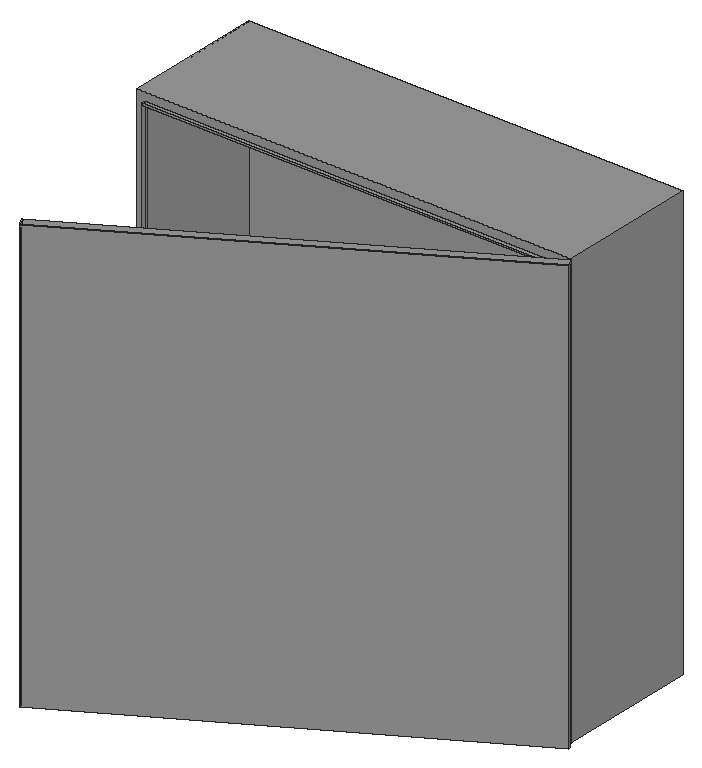
Revit family "Hager-Univers-IP55-D275-H800-Cl.I-Steel_encl-NoHosted-AT-de", category Equipement électrique, Revit 2020
Family settings
  Configuration du panneau = Deux colonnes, circuits au sein
  Cote de connecteur circulaire = Utiliser le diamètre
  Type d'élément = Tableau de raccordement
  Basée sur le plan de construction = Oui
  Toujours verticalement = Oui
  Couper avec des vides une fois chargée = Non
  Partagée = Non
  Point de calcul de pièce = Non
Parameters (values of type "Aufputz IP55 B800 H800 T275  - FR53E")
  Width Control [instance] = if([EF000008 - Breite] > Min Width, [EF000008 - Breite], Min Width)  # 800 mm
  Commentaires du type = [HG000003 - Bereich]  # "Univers"
  Thickness Door [instance] = if([EF009171 - Materialstärke Tür/Deckel] > 3 mm, 3 mm, [EF009171 - Materialstärke Tür/Deckel])  # 1.5 mm
  Seal Frame Offset [instance] = 17 mm  # constant formula
  Plinth Visibility [instance] = [HG000027 - Sockelhöhe] > 0 mm  # no
  Min Width [instance] = 100 mm  # constant formula
  Min Depth [instance] = (2 * [EF009170 - Materialstärke Gehäuse]) + 1 mm  # 4 mm
  Min Height [instance] = 100 mm  # constant formula
  Internal Frame Depth [instance] = (Door System Depth * 0.5)  # 9 mm
  Panel Name [instance] = ""  # (empty or 0)
  Model = ""
  HG000027 - Sockelhöhe = 0 mm
  HG000026 - Stehend auf dem Boden = no
  HG000024 - Höhe des unteren Teils = 600 mm
  HG000023 - Gehäuse mit doppeltem Querschnitt = no
  HG000016 - 3D-Türsichtbarkeit [instance] = yes
  HG000015 - Sichtbarkeit der Türöffnung [instance] = no
  HG000014 - Tür rechts [instance] = yes
  HG000013 - Tür links [instance] = not([HG000014 - Tür rechts])  # no
  HG000012 - Türschwenkwinkel [instance] = 30.00°
  HG000010 - Asymmetrische Türen = no
  HG000009 - Doppelflügeligen Tür = no
  HG000006 - Unterputz = no
  HG000004 - Herstellerreferenz = "FR53E"
  HG000003 - Bereich = "Univers"
  HG000002 - Mit tür = yes
  Frame Offset Bottom [instance] = 10 mm  # constant formula
  Frame Offset [instance] = 15 mm  # constant formula
  EF015940 - Deckel mit Überdruckentlastung = no
  EF011959 - Schutzart (NEMA) = ""
  EF009554 - Anzahl der Öffnungen für Flanschplatten = 6
  EF009212 - Ausführung Deckel = "EV000116 - geschlossen"
  EF009171 - Materialstärke Tür/Deckel = 1.5 mm
  EF009170 - Materialstärke Gehäuse = 1.5 mm
  EF008873 - Nennstrom (In) = 800 A
  EF007800 - Geeignet für Blitzschutz = no
  EF006306 - Mit Schloss = no
  EF006244 - Transparenter Deckel/Tür = no
  EF005474 - Schutzart (IP) = "EV006420 - IP55"
  EF004464 - Art der Tür = "EV002646 - Einzel"
  EF004427 - Anzahl der Module = 180
  EF004293 - Schlagfestigkeit = "EV008784 - IK10"
  EF003532 - Geeignet für Außengebrauch = no
  EF002950 - Breite in Teilungseinheiten = 24
  EF001613 - Funktionserhalt = "EV000494 - ohne"
  EF001596 - Werkstoff des Gehäuses = "EV000179 - Stahl"
  EF001131 - Innentiefe = 275 mm
  EF001088 - Anbaumöglichkeit = yes
  EF000437 - Anzahl der Leitungseinführungen = 6
  EF000339 - Art der Abdeckung = "EV004216 - Tür"
  EF000266 - Anzahl der Reihen = 5
  EF000218 - Einbautiefe = 0 mm
  EF000118 - Mit Montageplatte = no
  EF000116 - RAL-Nummer = "7035"
  EF000049 - Tiefe = 275 mm
  EF000040 - Höhe = 800 mm
  EF000008 - Breite = 800 mm
  EF000007 - Farbe = "EV000270 - grau"
  EF000003 - Montageart = "EV000384 - Aufputz"
  Door System Leaf Tolerance [instance] = 1.5 mm  # constant formula
  Door System Depth [instance] = 18 mm  # constant formula
  Door Height [instance] = Height Control - [HG000027 - Sockelhöhe]  # 800 mm
  Description = ""
  Default Elevation = 1219.2 mm
  Connector Offset [instance] = Height Control / 2  # 400 mm
  Fabricant = "Hager"  # constant formula
  Height Control [instance] = if([EF000040 - Höhe] > Min Height, [EF000040 - Höhe], Min Height)  # 800 mm
  Depth Control [instance] = if([EF000049 - Tiefe] > Min Depth, [EF000049 - Tiefe], Min Depth)  # 275 mm
  Bottom Top Plate Trim [instance] = 1.5 mm  # constant formula
  Plinth height Ctrl [instance] = if([HG000027 - Sockelhöhe] > 0 mm, [HG000027 - Sockelhöhe], 12 mm)  # 12 mm
Types (5, lengths in mm): name | Width Control | HG000010 - Asymmetrische Türen | HG000009 - Doppelflügeligen Tür | HG000004 - Herstellerreferenz | EF009554 - Anzahl der Öffnungen für Flanschplatten | EF004464 - Art der Tür | EF004427 - Anzahl der Module | EF000437 - Anzahl der Leitungseinführungen | EF000008 - Breite
  Aufputz IP55 B1050 H800 T275  - FR54E | 1050 | no | yes | "FR54E" | 8 | "EV003602 - Doppel" | 240 | 8 | 1050
  Aufputz IP55 B1300 H800 T275  - FR55E | 1300 | yes | yes | "FR55E" | 10 | "EV003602 - Doppel" | 300 | 10 | 1300
  Aufputz IP55 B300 H800 T275  - FR51E | 300 | no | no | "FR51E" | 2 | "EV002646 - Einzel" | 60 | 2 | 300
  Aufputz IP55 B550 H800 T275  - FR52E | 550 | no | no | "FR52E" | 4 | "EV002646 - Einzel" | 120 | 4 | 550
  Aufputz IP55 B800 H800 T275  - FR53E | 800 | no | no | "FR53E" | 6 | "EV002646 - Einzel" | 180 | 6 | 800
Reference planes
  plane 1 "Center (Front/Back)": y = 0
  plane 2: z = 0
  plane 3 "Center (Left/Right)": x = 0
  plane 4: y = 0
  plane 5: y = 0
  plane 6: z = 0
  plane 7: x = -400
  plane 8: x = 400
  plane 9: x = 398.5
  plane 10: x = -398.5
  plane 11: z = 0
  plane 12: z = 1.5
  plane 13: y = -275
  plane 14: y = -1.5
  plane 15: x = 0
  plane 16: y = -257
  plane 17: y = -273.5
  plane 18: y = -255.5
  plane 19: x = -383.5
  plane 20: x = 383.5
  plane 21: z = 11.5
  plane 22: x = -383
  plane 23: x = 383
  plane 24: z = 0
  plane 25: z = 800
  plane 26: z = 800
  plane 27: z = 783.5
  plane 28: z = 798.5
Forms (mm)
  Extrusion 1, solid, material "Hager_Steel_RAL7035_Light_Grey", detail levels medium+fine
    sketch origin (-208.679, -4572, 0) x (-1, 0, 0) y (0, -1, 0)
      loop
        line (191.321, -4315) -> (-608.679, -4315) -> (-608.679, -4572) -> (191.321, -4572) -> (191.321, -4315)
    from 0 to 800
  Extrusion 2, void
    sketch origin (-350.771, -275, 1219.2) x (1, 0, 0) y (0, 0, 1)
      loop
        line (-47.729, -420.7) -> (-47.729, -1217.7) -> (749.271, -1217.7) -> (749.271, -420.7) -> (-47.729, -420.7)
    from -19.5 to -273.5
  Extrusion 3, void
    sketch origin (-290.084, -257, 1219.2) x (1, 0, 0) y (0, 0, 1)
      loop
        line (-93.416, -1207.7) -> (673.584, -1207.7) -> (673.584, -435.7) -> (-93.416, -435.7) -> (-93.416, -1207.7)
    from 0 to -1.5
  Extrusion 4, solid, material "Hager_Steel_RAL7035_Light_Grey", visible <- "Plinth Visibility", detail levels medium+fine
    sketch origin (0, 0, 0) x (1, 0, 0) y (0, 1, 0)
      loop
        line (-400, 0) -> (-400, -257) -> (400, -257) -> (400, 0) -> (-400, 0)
    from 0 to 12 <- "Plinth height Ctrl"
  Extrusion 5, solid, material "Hager_Steel_RAL7035_Light_Grey", detail levels coarse
    sketch origin (0, 0, 0) x (1, 0, 0) y (0, 1, 0)
      loop
        line (-400, 0) -> (-400, -275) -> (400, -275) -> (400, 0) -> (-400, 0)
    from 0 to 800 <- "Height Control"
  Sweep 6, void
    path in 3D
      loop
        line (-400, -257, 12) -> (400, -257, 12) -> (400, 0, 12) -> (-400, 0, 12) -> (-400, -257, 12)
    profile origin (-400, -128.5, 12) x (1, 0, 0) y (0, 0, 1)
      loop
        line (0, 0) -> (0, -1.5) -> (1.5, -1.5)
        arc (1.5, -1.5) -> (1.061, -0.439) -> (0, 0) r 1.5
  Extrusion 7, solid, material "Hager_Steel_RAL7035_Light_Grey", detail levels fine
    sketch origin (-400, -257, 0) x (1, 0, 0) y (0, 0, 1)
      loop
        line (16.5, 11.5) -> (783.5, 11.5) -> (783.5, 783.5) -> (16.5, 783.5) -> (16.5, 11.5)
      loop
        line (15, 10) -> (785, 10) -> (785, 785) -> (15, 785) -> (15, 10)
    from 0 to 9 <- "Internal Frame Depth"
Cuts and joins
  Extrusion 2, Extrusion 3 cuts Extrusion 1
  Sweep 6 cuts Extrusion 4
Lines and regions (mm)
  Masking region 1
    outline origin (0, 0, 0) x (1, 0, 0) y (0, 1, 0)
      loop
        line (-400, 0) -> (-400, -275) -> (400, -275) -> (400, 0) -> (-400, 0)
  Masking region 2, detail levels coarse
    outline origin (-290.084, -257, 1219.2) x (-1, 0, 0) y (0, 0, 1)
      loop
        line (-690.084, -1219.2) -> (109.916, -1219.2) -> (109.916, -419.2) -> (-690.084, -419.2) -> (-690.084, -1219.2)
  Masking region 3, detail levels coarse
    outline origin (0, 0, 0) x (0, 1, 0) y (0, 0, 1)
      loop
        line (0, 0) -> (0, 800) -> (-275, 800) -> (-275, 0) -> (0, 0)
  Masking region 4, visible <- "Plinth Visibility", detail levels medium+fine
    outline origin (0, 0, 0) x (0, 1, 0) y (0, 0, 1)
      loop
        line (-1.5, 12) -> (-255.5, 12)
        arc (-255.5, 12) -> (-255.939, 10.939) -> (-257, 10.5) r 1.5
        line (-257, 10.5) -> (-257, 0) -> (0, 0) -> (0, 10.5)
        arc (0, 10.5) -> (-1.061, 10.939) -> (-1.5, 12) r 1.5
  Masking region 5, detail levels medium+fine
    outline origin (0, 0, 594.038) x (0, 1, 0) y (0, 0, 1)
      loop
        line (0, -594.038) -> (0, 205.962) -> (-257, 205.962) -> (-257, -594.038) -> (0, -594.038)
  Masking region 6, detail levels medium+fine
    outline origin (-359.7, -257, 1211.883) x (-1, 0, 0) y (0, 0, 1)
      loop
        line (-759.7, -1211.883) -> (40.3, -1211.883) -> (40.3, -411.883) -> (-759.7, -411.883) -> (-759.7, -1211.883)
  Masking region 7, visible <- "Plinth Visibility", detail levels medium+fine
    outline origin (-320.334, -257, 1041.368) x (-1, 0, 0) y (0, 0, 1)
      loop
        line (-720.334, -1041.368) -> (79.666, -1041.368) -> (79.666, -1030.868)
        arc (79.666, -1030.868) -> (78.606, -1030.429) -> (78.166, -1029.368) r 1.5
        line (78.166, -1029.368) -> (-718.834, -1029.368)
        arc (-718.834, -1029.368) -> (-719.273, -1030.429) -> (-720.334, -1030.868) r 1.5
        line (-720.334, -1030.868) -> (-720.334, -1041.368)
  sketch lines
    curve 1: line (-400, 0, 12) -> (-400, -257, 12)
    curve 2: line (-400, -257, 12) -> (400, -257, 12)
    curve 3: line (400, 0, 12) -> (-400, 0, 12)
    curve 4: line (400, -257, 12) -> (400, 0, 12)
Dimensions and locks
  locked: plane 1 "Center (Front/Back)" to plane 5
  "EF009170 - Materialstärke Gehäuse": plane 7 to plane 10
  "EF009170 - Materialstärke Gehäuse": plane 8 to plane 9
  equal spacing: plane 7, plane 3 "Center (Left/Right)", plane 8
  "Width Control": plane 7 to plane 8
  "Depth Control": plane 4 to plane 13
  "EF009170 - Materialstärke Gehäuse": plane 4 to plane 14
  "Height Control": plane 25 to level
  "HG000027 - Sockelhöhe": plane 11 to level
  "EF009170 - Materialstärke Gehäuse": plane 12 to plane 11
  "EF009170 - Materialstärke Gehäuse": plane 17 to plane 13
  "EF009170 - Materialstärke Gehäuse": plane 18 to plane 16
  "Frame Offset Bottom": plane 21 to plane 12
  "Frame Offset": plane 10 to plane 19
  "Frame Offset": plane 9 to plane 20
  "Door System Depth": plane 16 to plane 13
  "Seal Frame Offset": plane 7 to plane 22
  "Seal Frame Offset": plane 8 to plane 23
  "EF009170 - Materialstärke Gehäuse": plane 26 to plane 28
  "Frame Offset": plane 28 to plane 27
  "Connector Offset": plane 2 to connector elem
  "Bottom Top Plate Trim": profile plane to Sweep 6 sketch curve
  "Bottom Top Plate Trim": Sweep 6 sketch curve to Sweep 6 sketch curve
  "Plinth height Ctrl": Masking region 4 sketch curve to level
  "Plinth height Ctrl": Masking region 7 sketch curve to level
  "Thickness Door": Extrusion 7 sketch curve to Extrusion 7 sketch curve  (x4)
  "Bottom Top Plate Trim": radius of Sweep 6 sketch curve
  "Bottom Top Plate Trim": radius of Masking region 4 sketch curve  (x2)
  "Bottom Top Plate Trim": radius of Masking region 7 sketch curve  (x2)
  aligned and locked: Extrusion 2 sketch curve to plane 12
  aligned and locked: Extrusion 2 sketch curve to plane 9
  aligned and locked: Extrusion 2 sketch curve to plane 10
  aligned and locked: Extrusion 2 to plane 14
  aligned and locked: Extrusion 1 sketch curve to plane 4
  aligned and locked: plane 8 to Extrusion 1 sketch curve
  aligned and locked: plane 7 to Extrusion 1 sketch curve
  aligned and locked: Extrusion 2 to plane 18
  aligned and locked: Extrusion 3 sketch curve to plane 19
  aligned and locked: plane 20 to Extrusion 3 sketch curve
  aligned and locked: Extrusion 3 to Extrusion 2
  aligned and locked: Extrusion 3 sketch curve to plane 21
  aligned and locked: plane 3 "Center (Left/Right)" to nested 1
  aligned and locked: Extrusion 1 sketch curve to plane 16
  aligned and locked: Extrusion 4 sketch curve to cut or joined group of Extrusion 1, Extrusion 2, Extrusion 3
  aligned and locked: Masking region 1 sketch curve to plane 7
  aligned and locked: Masking region 1 sketch curve to plane 5
  aligned and locked: Masking region 1 sketch curve to plane 8
  aligned and locked: Masking region 2 sketch curve to level
  aligned and locked: level to Masking region 3 sketch curve
  aligned and locked: plane 1 "Center (Front/Back)" to Masking region 3 sketch curve
  aligned and locked: plane 13 to Masking region 3 sketch curve
  aligned and locked: plane 5 to Masking region 4 sketch curve
  aligned and locked: Masking region 2 sketch curve to plane 8
  aligned and locked: Masking region 2 sketch curve to plane 7
  aligned and locked: plane 7 to nested 2
  aligned and locked: nested 2 to plane 5
  aligned and locked: plane 5 to Masking region 5 sketch curve
  aligned and locked: plane 26 to Masking region 5 sketch curve
  aligned and locked: Extrusion 5 sketch curve to plane 8
  aligned and locked: Extrusion 5 sketch curve to plane 7
  aligned and locked: Extrusion 5 sketch curve to plane 5
  aligned and locked: Extrusion 3 sketch curve to plane 27
  aligned and locked: Extrusion 2 sketch curve to plane 28
  aligned and locked: Masking region 2 to plane 25
  aligned and locked: Extrusion 4 to plane 16
  aligned and locked: profile plane to Sweep 6 sketch curve
  aligned and locked: Masking region 5 sketch curve to plane 24
  aligned and locked: level to Masking region 4 sketch curve
  aligned and locked: Masking region 1 to plane 13
  aligned and locked: nested 1 to plane 16
  aligned and locked: Masking region 3 to plane 25
  aligned and locked: plane 16 to Masking region 4 sketch curve
  aligned and locked: Masking region 5 sketch curve to plane 16
  aligned and locked: plane 24 to plane 11
  aligned and locked: plane 26 to plane 25
  aligned and locked: plane 26 to cut or joined group of Extrusion 1, Extrusion 2, Extrusion 3
  aligned and locked: nested 1 to plane 24
  aligned and locked: Extrusion 1 to Extrusion 3
  aligned and locked: Masking region 6 sketch curve to plane 8
  aligned and locked: Masking region 6 sketch curve to plane 24
  aligned and locked: Masking region 6 sketch curve to plane 7
  aligned and locked: Masking region 6 sketch curve to plane 26
  aligned and locked: Masking region 7 sketch curve to plane 7
  aligned and locked: level to Masking region 7 sketch curve
  aligned and locked: Masking region 7 sketch curve to plane 8
  aligned and locked: Extrusion 7 sketch curve to cut or joined group of Extrusion 1, Extrusion 2, Extrusion 3  (x4)
Automatic sketch dimensions
  plane 19 to Extrusion 3 sketch curve = 0 mm
  Extrusion 3 sketch curve to plane 20 = 0 mm
  Extrusion 3 sketch curve to plane 21 = 0 mm
  Extrusion 4 sketch curve to plane 7 = 0 mm
  Extrusion 4 sketch curve to plane 8 = 0 mm
  Extrusion 4 sketch curve to plane 16 = 0 mm
  Masking region 1 sketch curve to plane 13 = 0 mm
  Masking region 2 sketch curve to plane 25 = 0 mm
  Masking region 3 sketch curve to plane 25 = 0 mm
  Extrusion 5 sketch curve to plane 13 = 0 mm
  profile plane to Sweep 6 sketch curve = 0 mm
Nested families
  nested 1: "EC000058_Univers_Door" at (0, -257, 0), Double <- "HG000009 - Doppelflügeligen Tür", Transparent <- "EF006244 - Transparenter Deckel/Tür", Angle <- "HG000012 - Türschwenkwinkel", Door_Right <- "HG000014 - Tür rechts", Assymetrical <- "HG000010 - Asymmetrische Türen", Door <- "HG000002 - Mit tür", Width_Ctrl <- "Width Control", 3d_Door <- "HG000016 - 3D-Türsichtbarkeit", Clearance <- "HG000015 - Sichtbarkeit der Türöffnung", Door_Left <- "HG000013 - Tür links", Width <- "Width Control", Door_Depth <- "Door System Depth", Leaf_Tolerance <- "Door System Leaf Tolerance", Height <- "Door Height", Lock_Visibility <- "EF006306 - Mit Schloss", Thickness <- "Thickness Door", type "EC000058_Univers_Door", detail levels medium+fine
    with min_wh 4 mm, Width_Ctrl 800 mm, Width 800 mm, Transparent no, Thickness 1.5 mm, Seal_Material Hager_Rubber, Lock_Visibility no, Lock_Material Hager_Plastic_RAL9005_Jet_Black, Leaf_Width 800 mm, Leaf_Tolerance_External_Sides 0 mm, Leaf_Tolerance 1.5 mm, Leaf_Offset 0 mm, Leaf_Height 797 mm, Leaf_2_Width 800 mm, Leaf_2_Offset 400 mm, Leaf_1_Width 800 mm, Leaf_1_Offset 400 mm, Height_Ctrl 800 mm, Height 800 mm, Glass_Material Hager_Glass, Double_Clearance_Ctrl no, Double no, Door_Right_Ctrl yes, Door_Right yes, Door_Material Hager_Steel_RAL7035_Light_Grey, Door_Left_Ctrl no, Door_Left no, Door_Depth 18 mm, Door yes, Clearance_Material Hager_Clearance, Clearance_Depth 800 mm, Clearance_Ctrl no, Clearance no, Assymetrical no, Angle 30.00°, 3d_Door yes
  nested 2: "Hager_Enclosure_Symbol" at (-400, 0, 0), Height <- "Depth Control", Width <- "Width Control", type "Hager_Enclosure_Symbol"
    with Width_Ctrl 800 mm, Width 800 mm, Height_Ctrl 275 mm, Height 275 mm, A_Width_Int 18.047 mm, A_Width 216.562 mm, A_Height_Ctrl 240.625 mm, A_Height 240.625 mm
Connectors
  electrical at (0, 0, 400)
    settings: on plane 1 "Center (Front/Back)", index 1, voltage 0 V, apparent load 0 VA, apparent load phase1 0 VA, apparent load phase2 0 VA, apparent load phase3 0 VA, power factor 1, load classification "Other", number of poles 1, system type 30, power factor state 1, is connector primary yes, connector utility no, sub classification motor no, connector description ""
Definition of nested family "EC000058_Univers_Door"
  Parameters (values of type "EC000058_Univers_Door")
    min_wh [instance] = (2 * Thickness) + 1 mm  # 11 mm
    Width_Ctrl [instance] = 400 mm
    Width [instance] = 500 mm
    Transparent [instance] = yes
    Thickness [instance] = 5 mm
    Seal_Material [instance] = none
    Lock_Visibility [instance] = yes
    Lock_Material [instance] = none
    Leaf_Width [instance] = if((Width_Ctrl - 2 * Leaf_Tolerance_External_Sides) > 0 mm, (Width_Ctrl - 2 * Leaf_Tolerance_External_Sides), min_wh)  # 400 mm
    Leaf_Tolerance_External_Sides [instance] = 0 mm  # constant formula
    Leaf_Tolerance [instance] = 1.5 mm
    Leaf_Offset [instance] = 0 mm  # constant formula
    Leaf_Height [instance] = if((Height_Ctrl - 2 * Leaf_Tolerance) > 0 mm, (Height_Ctrl - 2 * Leaf_Tolerance), min_wh)  # 497 mm
    Leaf_2_Width [instance] = if(and(and(Double, Assymetrical), Door_Left), (Leaf_Width / 3) - (Leaf_Tolerance / 2), if(and(and(Double, Assymetrical), Door_Right), (Leaf_Width / 3) * 2 - (Leaf_Tolerance / 2), if(and(Double, not(Assymetrical)), (Leaf_Width / 2) - Leaf_Tolerance, Leaf_Width)))  # 400 mm
    Leaf_2_Offset [instance] = if(and(Double, Assymetrical), Leaf_2_Width / 2, if(and(Double, not(Assymetrical)), Leaf_Width / 4, Leaf_Width / 2))  # 200 mm
    Leaf_1_Width [instance] = if(and(and(Double, Assymetrical), Door_Right), (Leaf_Width / 3) - (Leaf_Tolerance / 2), if(and(and(Double, Assymetrical), Door_Left), (Width / 3) * 2 - (Leaf_Tolerance / 2), if(and(Double, not(Assymetrical)), (Leaf_Width / 2) - Leaf_Tolerance, Leaf_Width)))  # 400 mm
    Leaf_1_Offset [instance] = if(and(Double, Assymetrical), Leaf_1_Width / 2, if(and(Double, not(Assymetrical)), Leaf_Width / 4, Leaf_Width / 2))  # 200 mm
    Height_Ctrl [instance] = if(Height > min_wh, Height, min_wh)  # 500 mm
    Height [instance] = 500 mm
    Glass_Material [instance] = none
    Double_Clearance_Ctrl [instance] = and(Double, Clearance)  # no
    Double [instance] = no
    Door_Right_Ctrl [instance] = and(or(Door_Right, Double), Door)  # yes
    Door_Right [instance] = yes
    Door_Material [instance] = none
    Door_Left_Ctrl [instance] = and(or(Door_Left, Double), Door)  # no
    Door_Left [instance] = no
    Door_Depth [instance] = 30 mm
    Door [instance] = yes
    Default Elevation = 1219.2 mm
    Clearance_Material [instance] = none
    Clearance_Depth [instance] = if(Leaf_1_Width > Leaf_2_Width, Leaf_1_Width, Leaf_2_Width)  # 400 mm
    Clearance_Ctrl [instance] = and(not(Double), Clearance)  # yes
    Clearance [instance] = yes
    Assymetrical [instance] = yes
    Angle [instance] = 30.00°
    3d_Door [instance] = yes
  Reference planes
    plane 1 "Center (Front/Back)": y = 0
    plane 2 "Bottom": z = 0
    plane 3 "Center (Left/Right)": x = 0
    plane 4: z = 500
    plane 5: x = -200
    plane 6: x = 200
    plane 7: z = 500
    plane 8: x = -200
    plane 9: z = 0
    plane 10: x = 200
    plane 11: y = 0
    plane 12: z = 1.5
    plane 13: x = -600
    plane 14: y = -400
    plane 15: x = 600
    plane 16: x = 0
    plane 17: x = 0
    plane 18: x = -200
    plane 19: x = 200
    plane 20: z = 498.5
  Forms (mm)
    Extrusion 1, solid, material <- "Clearance_Material", visible <- "Double_Clearance_Ctrl"
      sketch origin (1200, 0, 0) x (1, 0, 0) y (0, 0, -1)
        loop
          line (-1800, -498.5) -> (-600, -498.5) -> (-600, 0) -> (-1800, 0) -> (-1800, -498.5)
      from 0 to -400
  Dimensions and locks
    equal spacing: plane 5, plane 3 "Center (Left/Right)", plane 6
    "Width_Ctrl": plane 5 to plane 6
    "Leaf_Offset": plane 5 to plane 8
    "Leaf_Offset": plane 6 to plane 10
    "Leaf_Offset": plane 9 to level
    "Leaf_Offset": plane 4 to plane 7
    "Height_Ctrl": plane 4 to level
    "Leaf_Tolerance": plane 12 to plane 9
    locked: plane 11 to plane 1 "Center (Front/Back)"
    "Leaf_1_Offset": plane 18 to plane 16
    "Leaf_2_Offset": plane 17 to plane 19
    "Leaf_1_Width": plane 13 to plane 8
    "Leaf_2_Width": plane 10 to plane 15
    "Clearance_Depth": plane 14 to plane 1 "Center (Front/Back)"
    "Leaf_Tolerance_External_Sides": plane 8 to plane 18
    "Leaf_Tolerance_External_Sides": plane 19 to plane 10
    "Leaf_Tolerance": plane 7 to plane 20
    aligned and locked: level to plane 2 "Bottom"
    aligned and locked: nested 1 to plane 16
    aligned and locked: nested 2 to plane 17
    aligned and locked: Extrusion 1 to plane 13
    aligned and locked: plane 15 to Extrusion 1
    aligned and locked: Extrusion 1 to plane 14
    aligned and locked: plane 12 to nested 1
    aligned and locked: nested 2 to plane 12
    aligned and locked: Extrusion 1 to plane 11
    aligned and locked: plane 20 to Extrusion 1
    aligned and locked: nested 2 to plane 11
    aligned and locked: nested 1 to plane 11
  Automatic sketch dimensions
    Extrusion 1 sketch curve to level = 0 mm
    plane 5 to Extrusion 1 sketch curve = 400 mm
    plane 6 to Extrusion 1 sketch curve = 400 mm
    Extrusion 1 sketch curve to plane 4 = 1.5 mm
  Nested families
    nested 1: "EC000058_Univers_Door_Leaf" at (0, 0, 1.5), Width <- "Leaf_1_Width", visible <- "Door_Left_Ctrl", Leaf_Height <- "Leaf_Height", Angle <- "Angle", 3d_Door <- "3d_Door", Transparent <- "Transparent", Clearance Material <- "Clearance_Material", Clearance <- "Clearance_Ctrl", Door_Material <- "Door_Material", Glass_Material <- "Glass_Material", Door_Depth <- "Door_Depth", Lock_Material <- "Lock_Material", Seal_Material <- "Seal_Material", Lock_Visibility <- "Lock_Visibility", Thickness <- "Thickness", type "EC000058_Univers_Door_Leaf"
      with Width 400 mm, Transparent_Glass_Offset 30 mm, Transparent_Ctrl yes, Transparent yes, Thickness 5 mm, Standard no, Seal_Material none, Seal_D2 8 mm, Seal_D1 1 mm, Offset_Internal_Frame 10 mm, Lock_Width 20 mm, Lock_Visibility_3d yes, Lock_Visibility yes, Lock_Thickness_3 3 mm, Lock_Thickness_2 1 mm, Lock_Thickness_1 3 mm, Lock_Radius_Offset_2 16 mm, Lock_Radius_Offset_1 15 mm, Lock_Radius_2 5 mm, Lock_Radius 6 mm, Lock_Offset 5 mm, Lock_Material none, Lock_Height 80 mm, Lock_Cover_Top_Offset_2d 17 mm, Lock_Cover_Height -65 mm, Leaf_Height 497 mm, Internal_Seal_Thickness 8 mm, Internal_Seal_Depth_2 4.5 mm, Internal_Frame_Depth 25 mm, Glass_Thickness -1 mm, Glass_Offset -2 mm, Glass_Material none, Door_Material none, Door_Depth 30 mm, Clearance Material none, Clearance yes, Angle_Ctrl 30.00°, Angle 30.00°, 3d_Door yes
    nested 2: "EC000058_Univers_Door_Leaf" at (0, 0, 1.5) x (-1, 0, 0) z (0, 0, 1), Width <- "Leaf_2_Width", visible <- "Door_Right_Ctrl", Leaf_Height <- "Leaf_Height", Angle <- "Angle", 3d_Door <- "3d_Door", Transparent <- "Transparent", Clearance Material <- "Clearance_Material", Clearance <- "Clearance_Ctrl", Door_Material <- "Door_Material", Glass_Material <- "Glass_Material", Door_Depth <- "Door_Depth", Lock_Material <- "Lock_Material", Seal_Material <- "Seal_Material", Lock_Visibility <- "Lock_Visibility", Thickness <- "Thickness", type "EC000058_Univers_Door_Leaf"
      with Width 400 mm, Transparent_Glass_Offset 30 mm, Transparent_Ctrl yes, Transparent yes, Thickness 5 mm, Standard no, Seal_Material none, Seal_D2 8 mm, Seal_D1 1 mm, Offset_Internal_Frame 10 mm, Lock_Width 20 mm, Lock_Visibility_3d yes, Lock_Visibility yes, Lock_Thickness_3 3 mm, Lock_Thickness_2 1 mm, Lock_Thickness_1 3 mm, Lock_Radius_Offset_2 16 mm, Lock_Radius_Offset_1 15 mm, Lock_Radius_2 5 mm, Lock_Radius 6 mm, Lock_Offset 5 mm, Lock_Material none, Lock_Height 80 mm, Lock_Cover_Top_Offset_2d 17 mm, Lock_Cover_Height -65 mm, Leaf_Height 497 mm, Internal_Seal_Thickness 8 mm, Internal_Seal_Depth_2 4.5 mm, Internal_Frame_Depth 25 mm, Glass_Thickness -1 mm, Glass_Offset -2 mm, Glass_Material none, Door_Material none, Door_Depth 30 mm, Clearance Material none, Clearance yes, Angle_Ctrl 30.00°, Angle 30.00°, 3d_Door yes
  Definition of nested family "EC000058_Univers_Door_Leaf"
    Parameters (values of type "EC000058_Univers_Door_Leaf")
      Width [instance] = 2000 mm
      Transparent_Glass_Offset [instance] = 30 mm
      Transparent_Ctrl [instance] = and(Transparent, [3d_Door])  # yes
      Transparent [instance] = yes
      Thickness [instance] = 5 mm
      Standard [instance] = and(not(Transparent), [3d_Door])  # no
      Seal_Material [instance] = none
      Seal_D2 [instance] = 8 mm  # constant formula
      Seal_D1 [instance] = 1 mm  # constant formula
      Offset_Internal_Frame [instance] = 10 mm  # constant formula
      Lock_Width [instance] = 20 mm  # constant formula
      Lock_Visibility_3d [instance] = and(Lock_Visibility, [3d_Door])  # yes
      Lock_Visibility [instance] = yes
      Lock_Thickness_3 [instance] = 3 mm  # constant formula
      Lock_Thickness_2 [instance] = 1 mm  # constant formula
      Lock_Thickness_1 [instance] = 3 mm  # constant formula
      Lock_Radius_Offset_2 [instance] = Lock_Radius_Offset_1 + 1 mm  # 16 mm
      Lock_Radius_Offset_1 [instance] = 15 mm  # constant formula
      Lock_Radius_2 [instance] = Lock_Radius - 1 mm  # 5 mm
      Lock_Radius [instance] = 6 mm  # constant formula
      Lock_Offset [instance] = 5 mm  # constant formula
      Lock_Material [instance] = none
      Lock_Height [instance] = 80 mm  # constant formula
      Lock_Cover_Top_Offset_2d [instance] = Lock_Radius_Offset_2 + 1 mm  # 17 mm
      Lock_Cover_Height [instance] = -(Lock_Height - Lock_Radius_Offset_1)  # -65 mm
      Leaf_Height [instance] = 2720.336 mm
      Internal_Seal_Thickness [instance] = 8 mm  # constant formula
      Internal_Seal_Depth_2 [instance] = 4.5 mm  # constant formula
      Internal_Frame_Depth [instance] = if(Door_Depth - Thickness > 5 mm, Door_Depth - Thickness, 5 mm)  # 25 mm
      Glass_Thickness [instance] = if(Thickness > 15 mm, Glass_Offset + 10 mm, -1 mm)  # -1 mm
      Glass_Offset [instance] = if(Thickness > 15 mm, -(Thickness + 10 mm) / 2, -2 mm)  # -2 mm
      Glass_Material [instance] = none
      Door_Material [instance] = none
      Door_Depth [instance] = 30 mm
      Default Elevation = 0 mm
      Clearance Material [instance] = none
      Clearance [instance] = yes
      Angle_Ctrl [instance] = if(Angle > 180.00°, 180.00°, Angle)  # 90.00°
      Angle [instance] = 90.00°
      3d_Door [instance] = yes
    Reference planes
      plane 1 "Center (Front/Back)": y = 0
      plane 2: z = 0
      plane 3 "Center (Left/Right)": x = 0
      plane 4: y = 2000
      plane 5: x = -1000
      plane 6: x = 1000
      plane 7: x = -3000
      plane 8: z = 2720.336
      plane 9: z = 30
      plane 10: z = 2690.336
      plane 11: x = 970
      plane 12: x = -970
      plane 13: y = -3
      plane 14: z = 107.833
      plane 15: y = -5
      plane 16: y = -223.314
      plane 17: x = -1000
      plane 18: z = 1360.168
      plane 19: y = 30
    Forms (mm)
      Extrusion 1, solid, material <- "Clearance Material", visible <- "Clearance"
        sketch origin (0, 0, 0) x (1, 0, 0) y (0, 0, 1)
          loop
            line (-3000, 2720.336) -> (-3000, 0) -> (1000, 0) -> (1000, 2720.336) -> (-3000, 2720.336)
        from 0 to -2000
      Extrusion 2, solid, material <- "Door_Material", visible <- "Standard", detail levels medium+fine
        sketch origin (-1000, 0, 0) x (0, 1, 0) y (-1, 0, 0)
          loop
            line (0, 30) -> (0, 25) -> (2000, 25) -> (2000, 30) -> (0, 30)
        from 0 to 2720.336 <- "Leaf_Height"
      Extrusion 3, solid, material <- "Door_Material", visible <- "Transparent_Ctrl", detail levels medium+fine
        sketch origin (-1000, 0, 0) x (0, 1, 0) y (-1, 0, 0)
          loop
            line (0, 25) -> (2000, 25) -> (2000, 30) -> (0, 30) -> (0, 25)
        from 0 to 2720.336 <- "Leaf_Height"
      Extrusion 4, void
        sketch origin (-1025, 2000, 0) x (0, 1, 0) y (0, 0, -1)
          loop
            line (-30, -2690.336) -> (-30, -30) -> (-1970, -30) -> (-1970, -2690.336) -> (-30, -2690.336)
        from 0 to 5 <- "Thickness"
      Sweep 5, solid, material <- "Seal_Material", visible <- "Transparent_Ctrl", detail levels fine
        path in 3D
          loop
            line (-1025, 30, 30) -> (-1025, 30, 2690.336) -> (-1025, 1970, 2690.336) -> (-1025, 1970, 30) -> (-1025, 30, 30)
        profile origin (-1025, 1000, 30) x (1, 0, 0) y (0, 0, 1)
          loop
            line (0, 0) -> (0, -8) -> (1, -8) -> (1, 0) -> (0, 0)
      Extrusion 6, solid, material <- "Glass_Material", visible <- "Transparent_Ctrl", detail levels medium+fine
        sketch origin (-1030, 0, 0) x (0, 1, 0) y (0, 0, -1)
          loop
            line (1970, -2690.336) -> (1970, -30) -> (30, -30) -> (30, -2690.336) -> (1970, -2690.336)
        from -2 <- "Glass_Offset" to -1 <- "Glass_Thickness"
      Extrusion 7, solid, material <- "Door_Material", visible <- "3d_Door", detail levels medium+fine
        sketch origin (-1025, 2000, 0) x (0, -1, 0) y (0, 0, -1)
          loop
            line (0, -2720.336) -> (2000, -2720.336) -> (2000, 0) -> (0, 0) -> (0, -2720.336)
          loop
            line (1995, -5) -> (5, -5) -> (5, -2715.336) -> (1995, -2715.336) -> (1995, -5)
        from 0 to 25 <- "Internal_Frame_Depth"
      Sweep 8, solid, material <- "Seal_Material", visible <- "Transparent_Ctrl", detail levels fine
        path in 3D
          loop
            line (-1025, 0, 0) -> (-1025, 2000, 0) -> (-1025, 2000, 2720.336) -> (-1025, 0, 2720.336) -> (-1025, 0, 0)
        profile origin (-1025, 0, 1360.168) x (1, 0, 0) y (0, 1, 0)
          loop
            line (0, 10) -> (2.975, 10)
            arc (2.975, 10) -> (4.053, 10.447) -> (4.5, 11.525) r 1.525
            line (4.5, 11.525) -> (4.5, 16.527)
            arc (4.5, 16.527) -> (4.069, 17.569) -> (3.027, 18) r 1.473
            line (3.027, 18) -> (0, 18) -> (0, 10)
      Extrusion 9, solid, material <- "Lock_Material", visible <- "Lock_Visibility_3d", detail levels fine
        sketch origin (-1030, 0, 0) x (0, 1, 0) y (0, 0, -1)
          loop
            arc (1993.5, -1400.168) -> (1994.561, -1399.729) -> (1995, -1398.668) r 1.5
            line (1995, -1398.668) -> (1995, -1320.168) -> (1975, -1320.168) -> (1975, -1398.668)
            arc (1975, -1398.668) -> (1975.439, -1399.729) -> (1976.5, -1400.168) r 1.5
            line (1976.5, -1400.168) -> (1993.5, -1400.168)
        from 3 <- "Lock_Thickness_1" to 0
      Blend 10, solid, material <- "Lock_Material", visible <- "Lock_Visibility_3d", detail levels fine
        base sketch origin (-1033, 0, 0) x (0, 1, 0) y (0, 0, -1)
          loop
            line (1975, -1320.168) -> (1975, -1398.668)
            arc (1975, -1398.668) -> (1975.439, -1399.729) -> (1976.5, -1400.168) r 1.5
            line (1976.5, -1400.168) -> (1993.5, -1400.168)
            arc (1993.5, -1400.168) -> (1994.561, -1399.729) -> (1995, -1398.668) r 1.5
            line (1995, -1398.668) -> (1995, -1320.168) -> (1975, -1320.168)
        top sketch origin (-1033, 0, 0) x (0, 1, 0) y (0, 0, -1)
          loop
            line (1976, -1320.168) -> (1976, -1398.668)
            arc (1976, -1398.668) -> (1976.146, -1399.022) -> (1976.5, -1399.168) r 0.5
            line (1976.5, -1399.168) -> (1993.5, -1399.168)
            arc (1993.5, -1399.168) -> (1993.854, -1399.022) -> (1994, -1398.668) r 0.5
            line (1994, -1398.668) -> (1994, -1320.168) -> (1976, -1320.168)
        from 0 to 1 <- "Lock_Thickness_2"
      Blend 11, solid, material <- "Lock_Material", visible <- "Lock_Visibility_3d", detail levels fine
        base sketch origin (-1034, 0, 0) x (0, 1, 0) y (0, 0, -1)
          loop
            line (1978, -1320.168) -> (1978, -1384.168)
            arc (1978, -1384.168) -> (1985, -1391.168) -> (1992, -1384.168) r 7
            line (1992, -1384.168) -> (1992, -1320.168) -> (1978, -1320.168)
        top sketch origin (-1034, 0, 0) x (0, 1, 0) y (0, 0, -1)
          loop
            line (1991, -1320.168) -> (1979, -1320.168) -> (1979, -1383.168)
            arc (1979, -1383.168) -> (1985, -1389.168) -> (1991, -1383.168) r 6
            line (1991, -1383.168) -> (1991, -1320.168)
        from 0 to 3 <- "Lock_Thickness_3"
      Extrusion 12, solid, material <- "Lock_Material", visible <- "Lock_Visibility_3d", detail levels fine
        sketch origin (-1030, 1975, 1320.168) x (1, 0, 0) y (0, -1, 0)
          loop
            line (-7, -19) -> (-7, -1) -> (0, -1) -> (0, 0) -> (-8, 0) -> (-8, -20) -> (0, -20) -> (0, -19) -> (-7, -19)
        from 0 to -65 <- "Lock_Cover_Height"
      Extrusion 13, void
        sketch origin (-1038, 1995, 1320.168) x (-1, 0, 0) y (0, 0, -1)
          loop
            line (-5, -65) -> (0, -65) -> (-5, -60) -> (-5, -65)
        from 0 to 20 <- "Lock_Width"
      Extrusion 14, void
        sketch origin (-1038, 1975, 1320.168) x (0, -1, 0) y (0, 0, -1)
          loop
            circle (-10, -15.995) r 6
          loop
            circle (-10, -15.995) r 5
        from 0 to 2
      Extrusion 15, solid, material <- "Lock_Material", visible <- "Lock_Visibility_3d", detail levels medium
        sketch origin (-1030, 0, 0) x (0, 1, 0) y (0, 0, -1)
          loop
            arc (1993.5, -1400.168) -> (1994.561, -1399.729) -> (1995, -1398.668) r 1.5
            line (1995, -1398.668) -> (1995, -1320.168) -> (1975, -1320.168) -> (1975, -1398.668)
            arc (1975, -1398.668) -> (1975.439, -1399.729) -> (1976.5, -1400.168) r 1.5
            line (1976.5, -1400.168) -> (1993.5, -1400.168)
        from 8 to 0
    Cuts and joins
      Extrusion 4 cuts Extrusion 3
      Extrusion 13, Extrusion 14 cuts Extrusion 9
      Extrusion 14 cuts Blend 11
      Extrusion 13, Extrusion 14 cuts Extrusion 12
      joined: Extrusion 9, Blend 10, Blend 11, Extrusion 12
      Extrusion 14 cuts Extrusion 15
    Lines and regions (mm)
      Masking region 1, visible <- "Lock_Visibility", detail levels fine
        outline origin (0, 0, 0) x (0, 1, 0) y (0, 0, 1)
          loop
            line (30, 1320.168) -> (33, 1320.168) -> (33, 1400.168) -> (30, 1400.168) -> (30, 1320.168)
      Masking region 2, visible <- "Lock_Visibility", detail levels fine
        outline origin (0, 3.143, 0) x (0, 1, 0) y (0, 0, 1)
          loop
            line (29.857, 1354.168) -> (30.857, 1354.168) -> (30.857, 1366.168) -> (29.857, 1366.168) -> (29.857, 1354.168)
      Masking region 3, detail levels medium+fine
        outline origin (0, 0, 0) x (0, 1, 0) y (0, 0, 1)
          loop
            line (0, 0) -> (30, 0) -> (30, 2720.336) -> (0, 2720.336) -> (0, 0)
      Masking region 4, detail levels medium+fine
        outline origin (0, 0, 0) x (1, 0, 0) y (0, 0, 1)
          loop
            line (-1000, 2720.336) -> (-1000, 0) -> (1000, 0) -> (1000, 2720.336) -> (-1000, 2720.336)
      Masking region 5, visible <- "Lock_Visibility", detail levels fine
        outline origin (-47.116, 0, 0) x (1, 0, 0) y (0, 0, 1)
          loop
            arc (1024.616, 1399.168) -> (1023.556, 1398.729) -> (1023.116, 1397.668) r 1.5
            line (1023.116, 1397.668) -> (1023.116, 1320.168) -> (1041.116, 1320.168) -> (1041.116, 1397.668)
            arc (1041.116, 1397.668) -> (1040.677, 1398.729) -> (1039.616, 1399.168) r 1.5
            line (1039.616, 1399.168) -> (1024.616, 1399.168)
      Masking region 6, visible <- "Lock_Visibility", detail levels medium+fine
        outline origin (-25, 0, 0) x (1, 0, 0) y (0, 0, 1)
          loop
            arc (1001.5, 1400.168) -> (1000.439, 1399.729) -> (1000, 1398.668) r 1.5
            line (1000, 1398.668) -> (1000, 1320.168) -> (1020, 1320.168) -> (1020, 1398.668)
            arc (1020, 1398.668) -> (1019.561, 1399.729) -> (1018.5, 1400.168) r 1.5
            line (1018.5, 1400.168) -> (1001.5, 1400.168)
      Masking region 7, visible <- "Lock_Visibility", detail levels fine
        outline origin (-73.735, 0, 0) x (1, 0, 0) y (0, 0, 1)
          loop
            line (1051.735, 1382.168) -> (1065.735, 1382.168) -> (1065.735, 1384.168)
            arc (1065.735, 1384.168) -> (1058.735, 1391.168) -> (1051.735, 1384.168) r 7
            line (1051.735, 1384.168) -> (1051.735, 1382.168)
      Masking region 8, visible <- "Lock_Visibility", detail levels fine
        outline origin (-73.735, 0, 0) x (1, 0, 0) y (0, 0, 1)
          loop
            line (1052.735, 1382.168) -> (1064.735, 1382.168) -> (1064.735, 1383.168)
            arc (1064.735, 1383.168) -> (1058.735, 1389.168) -> (1052.735, 1383.168) r 6
            line (1052.735, 1383.168) -> (1052.735, 1382.168)
      Masking region 9, visible <- "Lock_Visibility", detail levels fine
        outline origin (-25, 0, 0) x (1, 0, 0) y (0, 0, 1)
          loop
            line (1020, 1320.168) -> (1020, 1382.168) -> (1000, 1382.168) -> (1000, 1320.168) -> (1020, 1320.168)
      Masking region 10, detail levels medium+fine
        outline origin (0, 0, 0) x (1, 0, 0) y (0, 0, 1)
          loop
            circle (985, 1335.144) r 6
      Masking region 11, detail levels fine
        outline origin (0, 0, 0) x (1, 0, 0) y (0, 0, 1)
          loop
            circle (985, 1335.144) r 5
      Masking region 12, visible <- "Lock_Visibility", detail levels fine
        outline origin (0, 12.767, 0) x (0, 1, 0) y (0, 0, 1)
          loop
            line (20.233, 1320.168) -> (21.233, 1320.168) -> (21.233, 1399.168) -> (20.233, 1400.168) -> (20.233, 1320.168)
      Masking region 13, visible <- "Lock_Visibility", detail levels fine
        outline origin (0, 13.767, -10) x (0, 1, 0) y (0, 0, 1)
          loop
            line (20.233, 1330.168) -> (23.233, 1330.168) -> (23.233, 1399.168) -> (20.233, 1402.168) -> (20.233, 1330.168)
      Masking region 14, visible <- "Lock_Visibility", detail levels fine
        outline origin (0, 12.767, -10) x (0, 1, 0) y (0, 0, 1)
          loop
            line (20.233, 1330.168) -> (25.233, 1330.168) -> (25.233, 1399.305) -> (20.233, 1394.305) -> (20.233, 1330.168)
      Masking region 15, visible <- "Lock_Visibility", detail levels medium
        outline origin (0, 0, 0) x (0, 1, 0) y (0, 0, 1)
          loop
            line (30, 1320.168) -> (38, 1320.168) -> (38, 1400.168) -> (30, 1400.168) -> (30, 1320.168)
      Masking region 16, visible <- "Lock_Visibility", detail levels fine
        outline origin (-1000, 0, 0) x (0, 1, 0) y (-1, 0, 0)
          loop
            line (1975, 30) -> (1995, 30) -> (1995, 38) -> (1975, 38) -> (1975, 30)
          loop
            line (1979, 37) -> (1976, 37) -> (1976, 34) -> (1978, 34) -> (1979, 37)
          loop
            line (1994, 37) -> (1991, 37) -> (1992, 34) -> (1994, 34) -> (1994, 37)
      Masking region 17, visible <- "Lock_Visibility", detail levels medium
        outline origin (-1000, 0, 0) x (0, 1, 0) y (-1, 0, 0)
          loop
            line (1975, 30) -> (1995, 30) -> (1995, 38) -> (1975, 38) -> (1975, 30)
      symbolic lines
        curve 1: line (1000, 0, 0) -> (-3000, 0, 0)
        curve 2: arc (1000, 0, 0) -> (-1000, 2000, 0) -> (-3000, 0, 0) r 2000
        curve 4: line (-1030, 0, 0) -> (-1030, 2000, 0)
      reference lines
        curve 3: line (-1000, 0, 0) -> (-1000, 2000, 0)
      symbolic lines, detail levels medium+fine
        curve 5: line (-1030, 2000, 0) -> (-1025, 2000, 0)
        curve 7: line (-1025, 0, 0) -> (-1030, 0, 0)
        curve 8: line (-1025, 0, 0) -> (-1000, 0, 0)
        curve 9: line (-1000, 0, 0) -> (-1000, 2000, 0)
        curve 10: line (-1000, 2000, 0) -> (-1025, 2000, 0)
      symbolic lines, detail levels fine
        curve 6: line (-1025, 2000, 0) -> (-1025, 0, 0)
      sketch lines
        curve 11: line (-1025, 0, 2720.336) -> (-1025, 0, 0)
        curve 12: line (-1025, 2000, 0) -> (-1025, 0, 0)
        curve 13: line (-1025, 2000, 2720.336) -> (-1025, 2000, 0)
        curve 14: line (-1025, 0, 2720.336) -> (-1025, 2000, 2720.336)
        curve 15: line (-1025, 1970, 30) -> (-1025, 30, 30)
        curve 16: line (-1025, 30, 30) -> (-1025, 30, 2690.336)
        curve 17: line (-1025, 1970, 2690.336) -> (-1025, 1970, 30)
        curve 18: line (-1025, 30, 2690.336) -> (-1025, 1970, 2690.336)
      symbolic lines, visible <- "Transparent", detail levels medium+fine
        curve 19: line (-970, 0, 2690.336) -> (970, 0, 2690.336)
        curve 20: line (-970, 0, 30) -> (-970, 0, 2690.336)
        curve 21: line (970, 0, 30) -> (-970, 0, 30)
        curve 22: line (970, 0, 2690.336) -> (970, 0, 30)
    Dimensions and locks
      "Width": plane 1 "Center (Front/Back)" to plane 4
      equal spacing: plane 5, plane 3 "Center (Left/Right)", plane 6
      "Width": plane 5 to plane 6
      "Width": plane 7 to plane 5
      "Leaf_Height": plane 8 to level
      "Width": curve 5 to curve 3
      "Width": curve 3 to curve 3
      plane 8 to plane 10 = 30 mm
      plane 9 to level = 30 mm
      plane 12 to plane 5 = 30 mm
      plane 6 to plane 11 = 30 mm
      Extrusion 1 to Extrusion 4 sketch curve = 30 mm
      "Transparent_Glass_Offset": curve 3 to Extrusion 4 sketch curve
      "Transparent_Glass_Offset": Extrusion 4 sketch curve to cut or joined group of Extrusion 3, Extrusion 4  (x2)
      cut or joined group of Extrusion 3, Extrusion 4 to Extrusion 6 sketch curve = 30 mm
      "Transparent_Glass_Offset": cut or joined group of Extrusion 3, Extrusion 4 to Extrusion 4 sketch curve
      "Thickness": curve 6 to curve 4
      "Thickness": Extrusion 7 sketch curve to Extrusion 7 sketch curve  (x4)
      "Door_Depth": curve 4 to curve 3
      "Offset_Internal_Frame": profile plane to Sweep 8 sketch curve
      "Internal_Seal_Thickness": Sweep 8 sketch curve to Sweep 8 sketch curve
      "Internal_Seal_Depth_2": profile plane to Sweep 8 sketch curve
      "Seal_D1": profile plane to Sweep 5 sketch curve
      "Seal_D2": profile plane to Sweep 5 sketch curve
      "Thickness": Extrusion 2 sketch curve to Extrusion 2 sketch curve
      equal spacing: Extrusion 9 sketch curve, plane 18, Extrusion 9 sketch curve  (x2)
      equal spacing: Masking region 1 sketch curve, plane 18, Masking region 1 sketch curve
      "Lock_Height": Masking region 1 sketch curve to Masking region 1 sketch curve
      "Lock_Radius": Masking region 2 sketch curve to plane 18 to Masking region 2 sketch curve
      Masking region 2 sketch curve to Masking region 1 = 1 mm
      "Door_Depth": plane 19 to plane 1 "Center (Front/Back)"
      "Lock_Thickness_1": Masking region 1 sketch curve to plane 19
      "Lock_Width": Extrusion 9 sketch curve to Extrusion 9 sketch curve
      "Lock_Height": Extrusion 9 sketch curve to Extrusion 9 sketch curve
      "Lock_Offset": cut or joined group of Extrusion 3, Extrusion 4 to Extrusion 9 sketch curve
      equal spacing: plane 8, plane 18, level
      "Lock_Radius_Offset_1": Blend 11 sketch curve to Blend 10
      locked: Blend 10 to Blend 11 sketch curve at 2  (x2)
      locked: var sketch to Blend 11 sketch curve at 1  (x2)
      "Lock_Radius_Offset_2": Blend 11 sketch curve to Blend 10
      locked: Extrusion 12 sketch curve to Extrusion 12 sketch curve at 1  (x3)
      Masking region 6 sketch curve to Masking region 6 sketch curve = 80 mm
      "Lock_Height": Masking region 6 sketch curve to Masking region 6 sketch curve
      "Lock_Width": Masking region 6 sketch curve to Masking region 6 sketch curve
      locked: Masking region 6 to Masking region 5 sketch curve at 1  (x3)
      locked: Masking region 5 to Masking region 7 sketch curve at 2  (x2)
      "Lock_Radius_Offset_1": Masking region 5 to Masking region 7 sketch curve
      "Lock_Radius_Offset_2": Masking region 5 to Masking region 8 sketch curve
      locked: Masking region 7 to Masking region 8 sketch curve at 1  (x2)
      "Lock_Cover_Top_Offset_2d": Masking region 5 to Masking region 9 sketch curve
      equal spacing: Masking region 9, Masking region 10 sketch curve, Masking region 9
      equal spacing: Masking region 9, Masking region 11 sketch curve, Masking region 9
      Extrusion 15 sketch curve to Extrusion 15 sketch curve = 80 mm
      "Lock_Width": Extrusion 15 sketch curve to Extrusion 15 sketch curve
      "Lock_Height": Extrusion 15 sketch curve to Extrusion 15 sketch curve
      equal spacing: Extrusion 15 sketch curve, plane 18, Extrusion 15 sketch curve
      "Lock_Thickness_3": Masking region 13 sketch curve to Masking region 13 sketch curve
      "Lock_Height": Masking region 12 sketch curve to Masking region 12 sketch curve
      locked: Masking region 13 sketch curve to Masking region 1 at 8
      locked: Masking region 14 sketch curve to Masking region 13 at 1
      locked: Masking region 14 sketch curve to Masking region 1 at 10.863
      "Lock_Height": Masking region 15 sketch curve to Masking region 15 sketch curve
      "Lock_Offset": Extrusion 15 sketch curve to cut or joined group of Extrusion 3, Extrusion 4
      "Lock_Offset": plane 6 to Masking region 6 sketch curve
      radius of Sweep 8 sketch curve = 1.525 mm
      radius of Sweep 8 sketch curve = 1.473 mm
      radius of Extrusion 9 sketch curve = 1.5 mm  (x2)
      "Lock_Radius": radius of Extrusion 14 sketch curve
      "Lock_Radius_2": radius of Extrusion 14 sketch curve
      "Lock_Radius": radius of Masking region 10 sketch curve
      "Lock_Radius_2": radius of Masking region 11 sketch curve
      radius of Extrusion 15 sketch curve = 1.5 mm  (x2)
      "Angle_Ctrl": angle plane 1 "Center (Front/Back)" to curve 3
      locked: Masking region 12 sketch curve to Masking region 12 sketch curve (angle 45.00°)
      locked: Masking region 13 sketch curve to Masking region 13 sketch curve (angle 45.00°)
      locked: Masking region 14 sketch curve to Masking region 14 sketch curve (angle 45.00°)
      aligned and locked: level to plane 2
      aligned and locked: Extrusion 1 to curve 1
      aligned and locked: plane 6 to Extrusion 1
      aligned and locked: Extrusion 1 to plane 1 "Center (Front/Back)"
      aligned and locked: plane 4 to Extrusion 1
      aligned and locked: plane 8 to Extrusion 1
      aligned and locked: curve 7 to Extrusion 2 sketch curve
      aligned and locked: curve 5 to Extrusion 2 sketch curve
      aligned and locked: curve 7 to Extrusion 3 sketch curve
      aligned and locked: Extrusion 3 sketch curve to curve 4
      aligned and locked: Extrusion 3 sketch curve to curve 6
      aligned and locked: Extrusion 3 sketch curve to curve 5
      aligned and locked: curve 9 to curve 3
      aligned and locked: Extrusion 7 sketch curve to cut or joined group of Extrusion 3, Extrusion 4  (x4)
      aligned and locked: plane 17 to curve 3
      aligned and locked: plane 1 "Center (Front/Back)" to curve 3
      aligned and locked: plane 17 to plane 5
      aligned and locked: Sweep 8 sketch curve to profile plane
      aligned and locked: Sweep 5 sketch curve to profile plane  (x2)
      aligned and locked: Masking region 1 to Masking region 2 sketch curve
      aligned and locked: plane 19 to Masking region 1 sketch curve
      aligned and locked: plane 1 "Center (Front/Back)" to Masking region 3 sketch curve
      aligned and locked: plane 19 to Masking region 3 sketch curve
      aligned and locked: level to Masking region 3 sketch curve
      aligned and locked: Masking region 3 sketch curve to plane 8
      aligned and locked: plane 17 to Masking region 4 sketch curve
      aligned and locked: level to Masking region 4 sketch curve
      aligned and locked: Masking region 4 sketch curve to plane 8
      aligned and locked: plane 12 to curve 20
      aligned and locked: plane 10 to curve 19
      aligned and locked: plane 11 to curve 22
      aligned and locked: curve 21 to plane 9
      aligned and locked: Extrusion 2 sketch curve to cut or joined group of Extrusion 3, Extrusion 4
      aligned and locked: Blend 10 sketch curve to Extrusion 9  (x4)
      aligned and locked: Extrusion 9 to Blend 10 sketch curve
      aligned and locked: Blend 10 to Blend 11 sketch curve
      aligned and locked: Extrusion 12 sketch curve to Blend 11
      aligned and locked: Extrusion 12 sketch curve to Extrusion 9  (x4)
      aligned and locked: Masking region 5 sketch curve to Masking region 6
      aligned and locked: Masking region 9 sketch curve to Masking region 6  (x3)
      aligned and locked: Masking region 12 sketch curve to Masking region 1
      aligned and locked: Masking region 13 sketch curve to Masking region 1
      aligned and locked: Masking region 12 to Masking region 14
      aligned and locked: Masking region 14 sketch curve to Masking region 1
      aligned and locked: Masking region 15 sketch curve to Masking region 14
      aligned and locked: Masking region 13 sketch curve to Masking region 12
      aligned and locked: Masking region 16 sketch curve to cut or joined group of Extrusion 14, Extrusion 15  (x4)
      aligned and locked: Masking region 16 sketch curve to cut or joined group of Extrusion 9, Blend 10, Blend 11, Extrusion 12, Extrusion 13, Extrusion 14  (x6)
      aligned and locked: cut or joined group of Extrusion 9, Blend 10, Blend 11, Extrusion 12, Extrusion 13, Extrusion 14 to Masking region 16 sketch curve
      aligned and locked: Masking region 17 sketch curve to cut or joined group of Extrusion 14, Extrusion 15  (x3)
      aligned and locked: Masking region 17 sketch curve to cut or joined group of Extrusion 9, Blend 10, Blend 11, Extrusion 12, Extrusion 13, Extrusion 14
      aligned and locked: Masking region 9 to Masking region 8 sketch curve
      aligned and locked: Masking region 9 to Masking region 7 sketch curve
    Automatic sketch dimensions
      plane 1 "Center (Front/Back)" to curve 2 = 0 mm
      curve 2 to plane 5 = 0 mm
      Extrusion 1 sketch curve to level = 0 mm
      Extrusion 1 sketch curve to plane 7 = 0 mm
      Extrusion 1 sketch curve to plane 6 = 0 mm
      Extrusion 1 sketch curve to plane 8 = 0 mm
      Extrusion 3 to Extrusion 6 sketch curve = 30 mm  (x4)
      Masking region 4 sketch curve to plane 6 = 0 mm
      Blend 10 sketch curve to Extrusion 9 = 1.5 mm
      Blend 10 sketch curve to Extrusion 9 = 1 mm
      Extrusion 13 sketch curve to Extrusion 12 = 0 mm  (x2)
      Extrusion 12 to Extrusion 13 sketch curve = 3 mm
      Extrusion 13 sketch curve to Extrusion 12 = 5 mm
      Extrusion 14 sketch curve to Extrusion 14 sketch curve = 0 mm  (x2)
      Extrusion 14 sketch curve to Extrusion 12 = 10 mm
      Extrusion 14 sketch curve to Extrusion 12 = 15.995 mm
      Masking region 5 sketch curve to Masking region 5 sketch curve = 1.5 mm  (x2)
      Masking region 10 sketch curve to plane 18 = 25.024 mm
      Masking region 11 sketch curve to plane 18 = 25.024 mm
      plane 19 to Masking region 14 sketch curve = 3 mm
      Masking region 16 sketch curve to Masking region 16 sketch curve = 3 mm
      curve 4 to curve 3 = 0 mm
      Blend 10 to Blend 11 sketch curve = 0 mm
      Masking region 6 sketch curve to Masking region 6 sketch curve = 1.5 mm  (x2)
      Masking region 6 sketch curve to plane 18 = 40 mm
      plane 19 to Masking region 12 sketch curve = 3 mm
      Masking region 12 sketch curve to Masking region 12 sketch curve = 1 mm
      Masking region 15 sketch curve to plane 19 = 0 mm
      Masking region 15 sketch curve to plane 18 = 40 mm
      radius of Blend 10 sketch curve to Extrusion 9 = 1 mm
Definition of nested family "Hager_Enclosure_Symbol"
  Parameters (values of type "Hager_Enclosure_Symbol")
    Width_Ctrl [instance] = if(Width > 1 mm, Width, 1 mm)  # 102.27 mm
    Width [instance] = 102.27 mm
    Height_Ctrl [instance] = if(Height > 1 mm, Height, 1 mm)  # 66.5 mm
    A_Width_Int [instance] = if(A_Width / 12 > 2 mm, A_Width / 12, 2 mm)  # 4.364 mm
    A_Width [instance] = if(A_Height_Ctrl * 0.9 > 2 mm, A_Height_Ctrl * 0.9, 2 mm)  # 52.369 mm
    A_Height_Ctrl [instance] = if(A_Height > 2 mm, A_Height, 2 mm)  # 58.188 mm
    Height [instance] = 66.5 mm
    A_Height [instance] = Height - (Height / 8)  # 58.188 mm
  Reference planes
    plane 1 "Centre (avant/arrière)": y = 0
    plane 2: z = 0
    plane 3 "Centre (gauche/droite)": x = 0
    plane 4: x = 52.369
    plane 5: y = 33.042
    plane 6: y = 41.77
    plane 7: y = 66.5
    plane 8: x = 26.184
    plane 9: y = 37.406
    plane 10: x = 102.27
    plane 11: y = 66.5
    plane 12: y = 8.313
  Lines and regions (mm)
    Filled region 1, type "Solid_Black", in view "Niveau de réf."
      outline origin (0, 0, 0) x (1, 0, 0) y (0, 1, 0)
        loop
          line (52.369, 66.5) -> (33.188, 54.536) -> (45.365, 45.006) -> (52.369, 66.5)
    Filled region 2, type "Solid_Black", in view "Niveau de réf."
      outline origin (0, 0, 0) x (1, 0, 0) y (0, 1, 0)
        loop
          line (0, 0) -> (102.27, 0) -> (102.27, 66.5) -> (0, 0)
    detail lines, in view "Niveau de réf."
      curve 1: line (0, 8.313, 0) -> (26.184, 41.77, 0)
      curve 2: line (26.184, 41.77, 0) -> (26.184, 33.042, 0)
      curve 3: line (26.184, 33.042, 0) -> (52.369, 66.5, 0)
  Dimensions and locks
    "A_Width": plane 3 "Centre (gauche/droite)" to plane 4
    equal spacing: plane 3 "Centre (gauche/droite)", plane 8, plane 4
    equal spacing: plane 6, plane 9, plane 5
    equal spacing: curve 3, Filled region 1 sketch curve, Filled region 1 sketch curve
    "Height_Ctrl": plane 1 "Centre (avant/arrière)" to plane 11
    "A_Height_Ctrl": plane 11 to plane 12
    equal spacing: plane 11, plane 9, plane 12
    "A_Width_Int": plane 6 to plane 9
    "Width_Ctrl": plane 3 "Centre (gauche/droite)" to plane 10
    angle Filled region 1 sketch curve to curve 3 = 20.00°
    angle curve 3 to Filled region 1 sketch curve = 20.00°
    locked: curve 3 to Filled region 1 sketch curve (angle 90.00°)
    aligned and locked: plane 10 to Filled region 2
    aligned and locked: plane 11 to Filled region 2 sketch curve
    aligned and locked: plane 10 to Filled region 2 sketch curve
    aligned and locked: plane 3 "Centre (gauche/droite)" to curve 1
    aligned and locked: plane 12 to curve 1
    aligned and locked: plane 7 to plane 11
  Automatic sketch dimensions
    Filled region 1 sketch curve to plane 4 = 0 mm
    Filled region 1 sketch curve to plane 7 = 0 mm
    plane 1 "Centre (avant/arrière)" to Filled region 2 sketch curve = 0 mm
    Filled region 2 sketch curve to plane 3 "Centre (gauche/droite)" = 0 mm
    curve 2 to plane 6 = 0 mm
    curve 2 to plane 8 = 0 mm
    curve 3 to plane 4 = 0 mm
    curve 2 to plane 5 = 0 mm
    curve 3 to plane 7 = 0 mm
